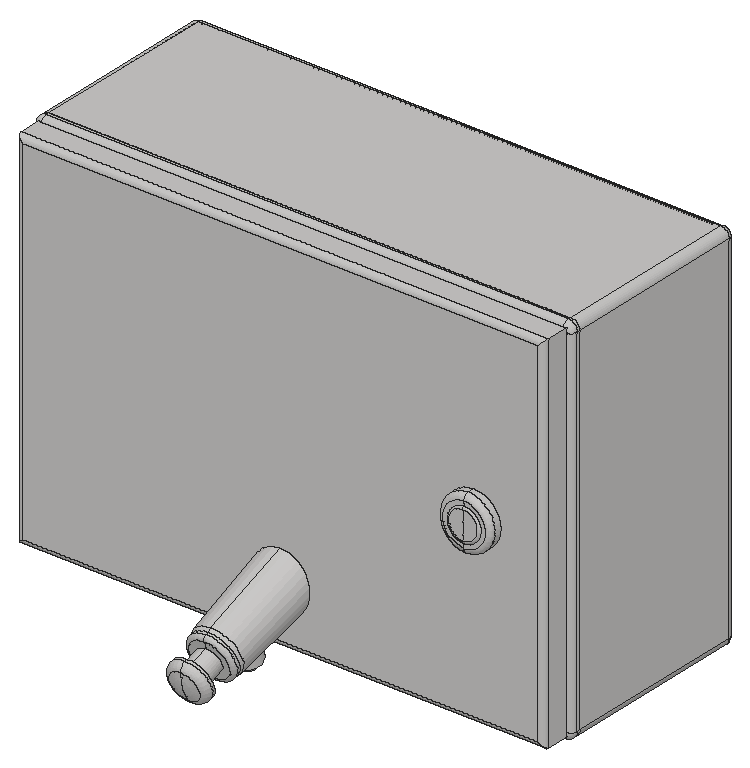
Revit family
Parameters (values of type "RODX619")
  URL = "http://www.franke.com/washroomsystems/main/en/home.html"
  Revised Date = "02/08/2012"
  Product URL = "http://www.franke.com/washroomsystems/main/en/home/our_products/bymodelrange/rodan/201/201-102/ag-rodx619/rodx619_detail.html"
  Phone # = "416.250.5656"
  Model = "RODX619"
  Material = Stainless Steel
  Manufacturer = "Franke Commercial Accessories"
  Designed By = "ATS BIM Team"
  Description = "Franke Commercial ‘RODAN’ #RODX619 Liquid Soap Dispenser, Wall Mounted, 5-1/2” H x 7-7/8” W x 3-3/8” D (140mm x 200mm x 85mm), manufactured from 22 gauge (0.8mm) grade 18-10 type 304 stainless steel, with #4 satin surface finish, replaceable 34 oz (1L) container suitable for liquid and lotion soaps, Franke standard key lock and with mounting hardware. Provide adequate backing in wall for support."
  Assembly Code = "E1090"
Reference planes (in)
  plane 1 "Center (Front/Back)": y = 0
  plane 2: z = 0
  plane 3 "Center (Left/Right)": x = 0
  plane 4: through (0, -5.17375, 0.29839) normal (0, 0.3256, -0.9455)
  plane 5: through (0, -3.93264, 0.05173) normal (0, 0.9455, 0.3256)
Forms (in)
  Sweep 1, solid, material "Stainless Steel" <- "Material"
    path origin (0, 0, -3.28291) x (1, 0, 0) y (0, 0, 1)
      loop
        arc (-3.83539, 8.79528) -> (-3.92378, 8.75866) -> (-3.96039, 8.67028) r 0.125
        line (-3.96039, 8.67028) -> (-3.96039, 3.40846)
        arc (-3.96039, 3.40846) -> (-3.92378, 3.32008) -> (-3.83539, 3.28346) r 0.125
        line (-3.83539, 3.28346) -> (3.83818, 3.28346)
        arc (3.83818, 3.28346) -> (3.92656, 3.32008) -> (3.96318, 3.40846) r 0.125
        line (3.96318, 3.40846) -> (3.96318, 8.67028)
        arc (3.96318, 8.67028) -> (3.92656, 8.75866) -> (3.83818, 8.79528) r 0.125
        line (3.83818, 8.79528) -> (-3.83539, 8.79528)
    profile origin (0.00139, 0, 0.00055) x (0, 0, -1) y (0, -1, 0)
      loop
        arc (-0.09676, 0) -> (-0.02817, 0.02841) -> (0.00025, 0.09701) r 0.09701
        line (0.00025, 0.09701) -> (0.00025, 2.83868) -> (-0.031, 2.83868) -> (-0.031, 0.09701)
        arc (-0.031, 0.09701) -> (-0.05026, 0.05051) -> (-0.09676, 0.03125) r 0.06576
        line (-0.09676, 0.03125) -> (-0.09676, 0)
  Sweep 2, solid, material "Stainless Steel" <- "Material"
    path origin (0, 0, -3.28291) x (1, 0, 0) y (0, 0, 1)
      loop
        line (3.9384, 8.79528) -> (-3.93562, 8.79528) -> (-3.93562, 3.28346) -> (3.9384, 3.28346) -> (3.9384, 8.79528)
    profile origin (0.00139, 0, 5.51236) x (0, 0, -1) y (0, -1, 0)
      loop
        line (0.05906, 3.29528) -> (0.05906, 2.97822)
        arc (0.05906, 2.97822) -> (0.07415, 2.98438) -> (0.09031, 2.98647) r 0.06332
        line (0.09031, 2.98647) -> (0.09031, 3.29528)
        arc (0.09031, 3.29528) -> (0.10767, 3.33721) -> (0.14961, 3.35458) r 0.0593
        line (0.14961, 3.35458) -> (0.14961, 3.38583)
        arc (0.14961, 3.38583) -> (0.08558, 3.3593) -> (0.05906, 3.29528) r 0.09055
  Extrusion 3, solid, material "Stainless Steel" <- "Material"
    sketch origin (0, 0, -3.28291) x (1, 0, 0) y (0, 0, 1)
      loop
        line (-3.78601, 8.64567) -> (-3.78601, 3.43289) -> (3.78898, 3.43289) -> (3.78898, 8.64567) -> (-3.78601, 8.64567)
    from 3.35458 to 3.38583
  Revolve 4, solid, material "Stainless Steel" <- "Material"
    sketch origin (0, 0, -3.28291) x (0, 1, 0) y (0, 0, 1)
      loop
        line (-3.24505, 4.24541) -> (-3.38583, 4.65425) -> (-4.65802, 4.15598) -> (-4.70483, 4.11865) -> (-4.74601, 4.10527)
        arc (-4.74601, 4.10527) -> (-4.78038, 4.07591) -> (-4.78393, 4.03085) r 0.05906
        line (-4.78393, 4.03085) -> (-4.74865, 3.92227) -> (-5.05738, 3.82196) -> (-5.09509, 3.93803) -> (-5.13367, 3.92549)
        arc (-5.13367, 3.92549) -> (-5.19436, 3.88028) -> (-5.21515, 3.80751) r 0.11811
        arc (-5.21515, 3.80751) -> (-5.20199, 3.69303) -> (-5.17375, 3.5813) r 0.86614
        line (-5.17375, 3.5813) -> (-3.24505, 4.24541)
      axis (-5.17375, 3.5813) -> (-3.24505, 4.24541)
    angle from 0 to 360
  Revolve 5, solid, material "Stainless Steel" <- "Material"
    sketch origin (0, 0, -3.28291) x (0, 1, 0) y (0, 0, 1)
      loop
        line (-3.93264, 3.33464) -> (-4.04086, 3.68863) -> (-4.21853, 3.63431) -> (-4.14222, 3.38472) -> (-4.0092, 3.31124) -> (-3.93264, 3.33464)
      axis (-3.93264, 3.33464) -> (-4.04086, 3.68863)
    angle from 0 to 360
  Revolve 6, solid, material "Stainless Steel" <- "Material"
    sketch origin (2.84809, 0, -3.28291) x (0, 1, 0) y (0, 0, 1)
      loop
        line (-3.58858, 6.03937) -> (-3.38583, 6.03937) -> (-3.38583, 6.43209) -> (-3.49016, 6.43209)
        arc (-3.49016, 6.43209) -> (-3.54584, 6.40902) -> (-3.5689, 6.35335) r 0.07874
        line (-3.5689, 6.35335) -> (-3.5689, 6.2841)
        arc (-3.5689, 6.2841) -> (-3.58331, 6.26969) -> (-3.58858, 6.25) r 0.03937
        line (-3.58858, 6.25) -> (-3.58858, 6.03937)
      axis (-3.58858, 6.03937) -> (-3.38583, 6.03937)
    angle from 0 to 360
  Extrusion 7, solid, material "Stainless Steel" <- "Material"
    sketch origin (0, 0, -3.28291) x (1, 0, 0) y (0, 1, 0)
      loop
        circle (-3.95276, -2.87646) r 0.07874
    from 8.14665 to 8.32283
  Extrusion 8, solid, material "Stainless Steel" <- "Material"
    sketch origin (0, 0, -3.45909) x (1, 0, 0) y (0, 1, 0)
      loop
        circle (-3.95276, -2.87646) r 0.07874
    from 7.93898 to 8.32283
  Extrusion 9, solid, material "Stainless Steel" <- "Material"
    sketch origin (0, 0, -3.84295) x (1, 0, 0) y (0, 1, 0)
      loop
        circle (-3.95276, -2.87646) r 0.07874
    from 7.93898 to 8.32283
  Extrusion 10, solid, material "Stainless Steel" <- "Material"
    sketch origin (0, 0, -4.22681) x (1, 0, 0) y (0, 1, 0)
      loop
        circle (-3.95276, -2.87646) r 0.07874
    from 7.93898 to 8.32283
  Extrusion 11, solid, material "Stainless Steel" <- "Material"
    sketch origin (0, 0, -4.61067) x (1, 0, 0) y (0, 1, 0)
      loop
        circle (-3.95276, -2.87646) r 0.07874
    from 7.93898 to 8.32283
  Extrusion 12, solid, material "Stainless Steel" <- "Material"
    sketch origin (0, 0, -4.99453) x (1, 0, 0) y (0, 1, 0)
      loop
        circle (-3.95276, -2.87646) r 0.07874
    from 7.93898 to 8.32283
  Extrusion 13, solid, material "Stainless Steel" <- "Material"
    sketch origin (0, 0, -5.37838) x (1, 0, 0) y (0, 1, 0)
      loop
        circle (-3.95276, -2.87646) r 0.07874
    from 7.93898 to 8.32283
  Extrusion 14, solid, material "Stainless Steel" <- "Material"
    sketch origin (0, 0, -5.76224) x (1, 0, 0) y (0, 1, 0)
      loop
        circle (-3.95276, -2.87646) r 0.07874
    from 7.93898 to 8.32283
  Extrusion 15, solid, material "Stainless Steel" <- "Material"
    sketch origin (0, 0, -6.1461) x (1, 0, 0) y (0, 1, 0)
      loop
        circle (-3.95276, -2.87646) r 0.07874
    from 7.93898 to 8.32283
  Extrusion 16, solid, material "Stainless Steel" <- "Material"
    sketch origin (0, 0, -6.52996) x (1, 0, 0) y (0, 1, 0)
      loop
        circle (-3.95276, -2.87646) r 0.07874
    from 7.93898 to 8.32283
  Extrusion 17, solid, material "Stainless Steel" <- "Material"
    sketch origin (0, 0, -6.91382) x (1, 0, 0) y (0, 1, 0)
      loop
        circle (-3.95276, -2.87646) r 0.07874
    from 7.93898 to 8.32283
  Extrusion 18, solid, material "Stainless Steel" <- "Material"
    sketch origin (0, 0, -7.29768) x (1, 0, 0) y (0, 1, 0)
      loop
        circle (-3.95276, -2.87646) r 0.07874
    from 7.93898 to 8.32283
  Extrusion 19, solid, material "Stainless Steel" <- "Material"
    sketch origin (0, 0, -7.68153) x (1, 0, 0) y (0, 1, 0)
      loop
        circle (-3.95276, -2.87646) r 0.07874
    from 8.15453 to 8.32283
  Sweep 20, solid, material "Stainless Steel" <- "Material"
    path origin (0, 0, 0) x (1, 0, 0) y (0, 0, 1)
      loop
        arc (-3.83539, 5.51261) -> (-3.92395, 5.47593) -> (-3.96064, 5.38736) r 0.12525
        line (-3.96064, 5.38736) -> (-3.96064, 0.12555)
        arc (-3.96064, 0.12555) -> (-3.92395, 0.03699) -> (-3.83539, 0.00031) r 0.12525
        line (-3.83539, 0.00031) -> (3.83818, 0.00031)
        arc (3.83818, 0.00031) -> (3.92674, 0.03699) -> (3.96342, 0.12555) r 0.12525
        line (3.96342, 0.12555) -> (3.96342, 5.38736)
        arc (3.96342, 5.38736) -> (3.92674, 5.47593) -> (3.83818, 5.51261) r 0.12525
        line (3.83818, 5.51261) -> (-3.83539, 5.51261)
    profile origin (0.00139, 0, 5.51261) x (0, 0, 1) y (0, -1, 0)
      loop
        line (-0.09701, 2.98608) -> (-0.09701, 2.95483)
        arc (-0.09701, 2.95483) -> (-0.05051, 2.93557) -> (-0.03125, 2.88907) r 0.06576
        line (-0.03125, 2.88907) -> (-0.03125, 2.83868) -> (0, 2.83868) -> (0, 2.88907)
        arc (0, 2.88907) -> (-0.02841, 2.95767) -> (-0.09701, 2.98608) r 0.09701
  Extrusion 21, solid, material "Stainless Steel" <- "Material"
    sketch origin (0, 0, 0) x (1, 0, 0) y (0, 0, 1)
      loop
        line (3.83818, 5.4156) -> (-3.83539, 5.4156)
        arc (-3.83539, 5.4156) -> (-3.85536, 5.40733) -> (-3.86363, 5.38736) r 0.02824
        line (-3.86363, 5.38736) -> (-3.86363, 0.12555)
        arc (-3.86363, 0.12555) -> (-3.85536, 0.10559) -> (-3.83539, 0.09732) r 0.02824
        line (-3.83539, 0.09732) -> (3.83818, 0.09732)
        arc (3.83818, 0.09732) -> (3.85814, 0.10559) -> (3.86641, 0.12555) r 0.02824
        line (3.86641, 0.12555) -> (3.86641, 5.38736)
        arc (3.86641, 5.38736) -> (3.85814, 5.40733) -> (3.83818, 5.4156) r 0.02824
      loop
        arc (-2.802, 3.88124) -> (-2.68401, 3.31322) -> (-2.56601, 3.88124) r 0.29627
        line (-2.56601, 3.88124) -> (-2.56601, 4.2398)
        arc (-2.56601, 4.2398) -> (-2.68401, 4.3578) -> (-2.802, 4.2398) r 0.11799
        line (-2.802, 4.2398) -> (-2.802, 3.88124)
      loop
        arc (2.56783, 3.88332) -> (2.68582, 3.3153) -> (2.80382, 3.88332) r 0.29627
        line (2.80382, 3.88332) -> (2.80382, 4.24189)
        arc (2.80382, 4.24189) -> (2.68582, 4.35988) -> (2.56783, 4.24189) r 0.11799
        line (2.56783, 4.24189) -> (2.56783, 3.88332)
    from 0 to 0.03125
Cuts and joins
  joined: Sweep 2, Extrusion 3, Revolve 4, Revolve 5, Revolve 6
